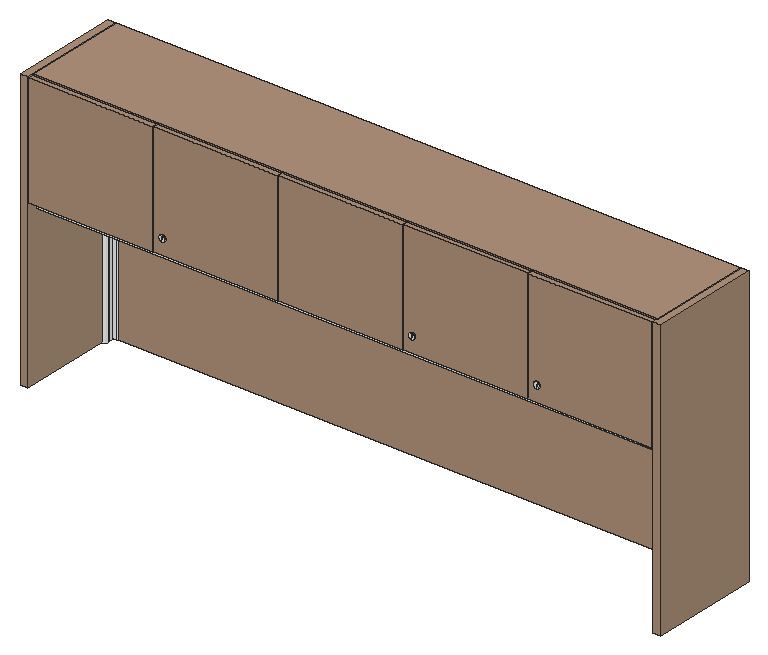
Revit family "Storage-Mounted-Teknion-B_HCL_Standard_Hutch_Solid_Hinged_Doors-R2019", category Furniture, Revit 2019
Family settings
  OmniClass Number = 23.40.20.00
  OmniClass Title = General Furniture and Specialties
  Work Plane-Based = No
  Always vertical = Yes
  Cut with Voids When Loaded = No
  Shared = Yes
  Room Calculation Point = No
Parameters (values of type "1-3/16" Worksurface Thickness, 37" Height")
  Width [instance] = 84.000"
  Warranty = "http://www.teknion.com/ca/papers/legal-canada"
  Unit Weight URL = "http://www.teknion.com/ca/tools/assets#&asset=bee6a381-b954-425e-8283-5a2de3a804f2,f828d448-4b62-4231-9e5f-9a8991c0ed77"
  URL = "www.teknion.com"
  Two Door [instance] = Width < 41.000"  # no
  To render please download texture images found here [instance] = "https://assets.teknion.com/web/5e81352c1dfdb467/revit-material-swatches/"
  Three Door [instance] = and(Width > 41.000", Width < 59.000")  # no
  Sustainability Data = "https://www.teknion.com/ca/tools/assets#&topic=216f99a5-57a0-44fc-b10a-9dee9b29ae4c&asset=444deb64-fe58-4b68-981e-f75e97781df7,b4ff2d81-9f2e-437d-9659-7cffb09c31cf"
  Shelf and Hardware Finish [instance] = Paint - Teknion - Mica - Very White
  Series = "Expansion Casegoods"  # constant formula
  Product Page URL = "https://www.teknion.com/ca/products/product-details?productLineId=0053336e-8e7a-673b-a6c8-ff00004460c4"
  Product Line = "Expansion Casegoods"  # constant formula
  Product Documentation Link = "https://www.teknion.com/pricing/expansion-casegoods/pdfs/B_HCL_ppg.pdf"
  Part Number = "B_HCL"  # constant formula
  Model = "BMHCL15__37"
  Manufacturer Phone = "416-661-3370"  # constant formula
  Manufacturer Fax = "416.661.4586"  # constant formula
  Manufacturer Contact Information = "http://www.teknion.com/ca/contactus"
  Manufacturer Address = "1150 Flint Road, Toronto, ON. M3J 2J5. Canada"  # constant formula
  Manufacturer = "Teknion"  # constant formula
  How To Use Teknion Materials User Guide [instance] = "https://assets.teknion.com/m/205dd0a49fa58060/original/How-to-add-a-Material-Library-and-Texture-Images-to-your-Revit-project.pdf"
  Height = 36.354"
  Four Door [instance] = and(Width > 59.000", Width < 79.000")  # no
  For Additional Finishes please visit [instance] = "https://assets.teknion.com/m/44a8009b046e5d47/original/Teknion_Materials_Library.zip"
  Five Door [instance] = Width = 84.000"  # yes
  Door Front Finish [instance] = Source Laminate - Teknion - 3M - Provincial Oak
  Description = "Standard Hutch - Solid Hinged Doors, 1-3/16\" Worksurface Thickness, 15\" Depth, 37\" Height"
  Case Finish [instance] = Source Laminate - Teknion - 3M - Provincial Oak
  Bottom Height Offset = 28.996"
  Available Widths [instance] = "24, 30, 36, 42, 48, 54, 60, 66, 72, 78, or 84 inches."  # constant formula
  Assembly Code = "E2020200"
  Actual Width [instance] = if(Width = 24.000", 23.882", if(Width = 30.000", 29.850", if(Width = 36.000", 35.819", if(Width = 42.000", 41.791", if(Width = 48.000", 47.760", if(Width = 54.000", 53.728", if(Width = 60.000", 59.701", if(Width = 66.000", 65.669", if(Width = 72.000", 71.642", if(Width = 78.000", 77.610", 83.579"))))))))))  # 83.579"
Types (7): name | Width | Model | Height | Four Door | Five Door | Description | Bottom Height Offset | Actual Width
  (no name) | 84.000" | "BMHCL15__37" | 36.354" | no | yes | "Standard Hutch - Solid Hinged Doors, 1-3/16\" Worksurface Thickness, 15\" Depth, 37\" Height" | 28.996" | 83.579"
  1" Worksurface Thickness, 37" Height | 60.000" | "BDHCL15__37" | 36.354" | yes | no | "Standard Hutch - Solid Hinged Doors, 1\" Worksurface Thickness, 15\" Depth, 37\" Height" | 28.82283" | 59.701"
  1" Worksurface Thickness, 43" Height | 60.000" | "BDHCL15__43" | 42.594" | yes | no | "Standard Hutch - Solid Hinged Doors, 1\" Worksurface Thickness, 15\" Depth, 43\" Height" | 28.82283" | 59.701"
  1-3/16" Worksurface Thickness, 37" Height | 84.000" | "BMHCL15__37" | 36.354" | no | yes | "Standard Hutch - Solid Hinged Doors, 1-3/16\" Worksurface Thickness, 15\" Depth, 37\" Height" | 28.996" | 83.579"
  1-3/16" Worksurface Thickness, 43" Height | 84.000" | "BMHCL15__43" | 42.594" | no | yes | "Standard Hutch - Solid Hinged Doors, 1-3/16\" Worksurface Thickness, 15\" Depth, 43\" Height" | 28.996" | 83.579"
  1-9/16" Worksurface Thickness, 43" Height | 60.000" | "BXHCL15__43" | 42.594" | yes | no | "Standard Hutch - Solid Hinged Doors, 1-9/16\" Worksurface Thickness, 15\" Depth, 43\" Height" | 29.362" | 59.701"
  1-9/16" Worksurface Thickness, 37" Height | 60.000" | "BXHCL15__37" | 36.354" | yes | no | "Standard Hutch - Solid Hinged Doors, 1-9/16\" Worksurface Thickness, 15\" Depth, 37\" Height" | 29.362" | 59.701"
Reference planes (in)
  plane 1 "Center Front/Back": y = 0.15567
  plane 2: z = 0
  plane 3 "Center Left/Right": x = -0.58629
  plane 4 "Left": x = -42.37579
  plane 5 "Right": x = 41.20321
  plane 6 "Back": y = 7.28165
  plane 7 "Front": y = -6.97032
  plane 8 "Top": z = 65.35
  plane 9: z = 28.996
  plane 10: z = 50.58655
  plane 11: z = 65.23222
  plane 12: x = -14.15831
  plane 13: x = 12.98505
  plane 14: x = -41.30166
  plane 15: x = 40.12841
  plane 16: x = -20.94415
  plane 17: x = 19.77089
  plane 18: x = -0.58663
  plane 19: x = -25.01565
  plane 20: x = -8.72964
  plane 21: x = 7.55638
  plane 22: x = 23.84239
Forms (in)
  Sweep 1, solid, material "Source Laminate - Teknion - 3M - Provincial Oak" <- "Case Finish"
    path origin (0, 0, 0) x (1, 0, 0) y (0, 1, 0)
      loop
        line (-42.37579, 0.15567) -> (-41.36004, 0.15567)
    profile origin (-41.86792, 0.15567, 0) x (0, 1, 0) y (0, 0, 1)
      loop
        line (7.12598, 65.35) -> (-7.12598, 65.35) -> (-7.12598, 28.996) -> (7.12598, 28.996) -> (7.12598, 65.35)
  Sweep 2, solid, material "Source Laminate - Teknion - 3M - Provincial Oak" <- "Case Finish"
    path origin (0, 0, 0) x (1, 0, 0) y (0, 1, 0)
      loop
        line (40.18746, 0.15567) -> (41.20321, 0.15567)
    profile origin (40.69534, 0.15567, 0) x (0, 1, 0) y (0, 0, 1)
      loop
        line (7.12598, 65.35) -> (-7.12598, 65.35) -> (-7.12598, 28.996) -> (7.12598, 28.996) -> (7.12598, 65.35)
  Sweep 3, solid, material "Source Laminate - Teknion - 3M - Provincial Oak" <- "Case Finish"
    path origin (0, 0, 0) x (1, 0, 0) y (0, 1, 0)
      loop
        line (-0.58629, 7.28165) -> (-0.58629, -6.26953)
    profile origin (-0.58629, 0.50606, 0) x (1, 0, 0) y (0, 0, 1)
      loop
        line (-40.77375, 65.35) -> (-40.77375, 28.996) -> (40.77375, 28.996) -> (40.77375, 65.35) -> (-40.77375, 65.35)
  Sweep 4, void
    path origin (0, 0, 0) x (1, 0, 0) y (0, 1, 0)
      loop
        line (-0.58629, -6.97032) -> (-0.58629, 6.50213)
    profile origin (-0.58629, -0.23409, 0) x (-1, 0, 0) y (0, 0, 1)
      loop
        line (40.77375, 51.7834) -> (-40.77375, 51.7834) -> (-40.77375, 28.996) -> (40.77375, 28.996) -> (40.77375, 51.7834)
  Sweep 5, solid, material "Paint - Teknion - Mica - Very White" <- "Shelf and Hardware Finish"
    path origin (0, 0, 0) x (1, 0, 0) y (0, 1, 0)
      loop
        line (-41.36004, 0.15567) -> (40.18746, 0.15567)
    profile origin (-0.58629, 0.15567, 0) x (0, 1, 0) y (0, 0, 1)
      loop
        line (6.34646, 51.7834) -> (-6.4252, 51.7834) -> (-6.4252, 50.7834) -> (-5.8622, 50.7834) -> (-5.8622, 49.40545) -> (-5.12992, 49.40545) -> (-5.12992, 50.56293) -> (6.34646, 50.56293) -> (6.34646, 51.7834)
  Sweep 6, solid, material "Paint - Teknion - Mica - Very White" <- "Shelf and Hardware Finish"
    path origin (0, 0.15567, 0) x (1, 0, 0) y (0, 0, 1)
      loop
        line (-0.58629, 28.996) -> (-0.58629, 50.56293)
    profile origin (-0.58629, 0.15567, 39.77946) x (-1, 0, 0) y (0, -1, 0)
      loop
        line (39.90682, -6.34646) -> (40.77375, -6.34646) -> (40.77375, -4.84645)
        arc (40.77375, -4.84645) -> (40.45445, -4.96317) -> (40.28359, -5.25709) r 0.5
        line (40.28359, -5.25709) -> (40.69501, -5.25709) -> (40.69501, -5.70551) -> (40.36233, -5.70551) -> (40.36233, -5.58307) -> (40.28359, -5.58307) -> (40.28359, -5.93307) -> (40.69501, -5.93307) -> (40.69501, -6.26772) -> (39.97247, -6.26772) -> (39.90682, -6.34646)
      loop
        line (-39.90682, -6.34646) -> (-39.97247, -6.26772) -> (-40.69501, -6.26772) -> (-40.69501, -5.93307) -> (-40.28359, -5.93307) -> (-40.28359, -5.58307) -> (-40.36233, -5.58307) -> (-40.36233, -5.70551) -> (-40.69501, -5.70551) -> (-40.69501, -5.25709) -> (-40.28359, -5.25709)
        arc (-40.28359, -5.25709) -> (-40.45445, -4.96317) -> (-40.77375, -4.84645) r 0.5
        line (-40.77375, -4.84645) -> (-40.77375, -6.34646) -> (-39.90682, -6.34646)
  Sweep 7, solid, material "Source Laminate - Teknion - 3M - Provincial Oak" <- "Door Front Finish", visible <- "Two Door"
    path origin (0, 0, 0) x (1, 0, 0) y (0, 1, 0)
      loop
        line (-0.58629, -6.97032) -> (-0.58629, -6.26953)
    profile origin (-0.58629, -6.61992, 0) x (-1, 0, 0) y (0, 0, 1)
      loop
        line (40.65564, 65.23222) -> (0.05906, 65.23222) -> (0.05906, 50.58655) -> (40.65564, 50.58655) -> (40.65564, 65.23222)
      loop
        line (-0.05906, 50.58655) -> (-0.05906, 65.23222) -> (-40.65564, 65.23222) -> (-40.65564, 50.58655) -> (-0.05906, 50.58655)
  Sweep 8, solid, material "Metal - Teknion - C6 - Chrome", visible <- "Two Door"
    path origin (0, 0, 0) x (1, 0, 0) y (0, 1, 0)
      loop
        line (0.6145, -6.97032) -> (0.6145, -7.02937)
    profile origin (0.6145, -6.99984, 0) x (1, 0, 0) y (0, 0, 1)
      loop
        circle (0, 52.6338) r 0.39455
      loop
        line (-0.04921, 52.8208) -> (-0.04921, 52.44679) -> (0.04921, 52.44679) -> (0.04921, 52.8208) -> (-0.04921, 52.8208)
  Sweep 9, solid, material "Source Laminate - Teknion - 3M - Provincial Oak" <- "Door Front Finish", visible <- "Three Door"
    path origin (0, 0, 0) x (1, 0, 0) y (0, 1, 0)
      loop
        line (-0.58629, -6.97032) -> (-0.58629, -6.26953)
    profile origin (-0.58629, -6.61992, 0) x (-1, 0, 0) y (0, 0, 1)
      loop
        line (13.63085, 65.23222) -> (13.63085, 50.58655) -> (40.65598, 50.58655) -> (40.65598, 65.23222) -> (13.63085, 65.23222)
      loop
        line (13.51274, 50.58655) -> (13.51274, 65.23222) -> (-13.51257, 65.23222) -> (-13.51257, 50.58655) -> (13.51274, 50.58655)
      loop
        line (-13.63068, 50.58655) -> (-13.63068, 65.23222) -> (-40.65598, 65.23222) -> (-40.65598, 50.58655) -> (-13.63068, 50.58655)
  Sweep 10, solid, material "Metal - Teknion - C6 - Chrome", visible <- "Three Door"
    path origin (-6.60763, 0, 0) x (1, 0, 0) y (0, 1, 0)
      loop
        line (-6.35051, -6.97032) -> (-6.35051, -7.02937)
    profile origin (-12.95814, -6.99984, 0) x (1, 0, 0) y (0, 0, 1)
      loop
        circle (0, 52.46063) r 0.39455
      loop
        line (-0.04921, 52.64764) -> (-0.04921, 52.27362) -> (0.04921, 52.27362) -> (0.04921, 52.64764) -> (-0.04921, 52.64764)
  Sweep 11, solid, material "Metal - Teknion - C6 - Chrome", visible <- "Three Door"
    path origin (6.60628, 0, 0) x (1, 0, 0) y (0, 1, 0)
      loop
        line (7.579, -6.97032) -> (7.579, -7.02937)
    profile origin (14.18527, -6.99984, 0) x (1, 0, 0) y (0, 0, 1)
      loop
        circle (0, 52.46063) r 0.39455
      loop
        line (-0.04921, 52.64764) -> (-0.04921, 52.27362) -> (0.04921, 52.27362) -> (0.04921, 52.64764) -> (-0.04921, 52.64764)
  Sweep 12, solid, material "Source Laminate - Teknion - 3M - Provincial Oak" <- "Door Front Finish", visible <- "Four Door"
    path origin (0, 0, 0) x (1, 0, 0) y (0, 1, 0)
      loop
        line (-0.58629, -6.97032) -> (-0.58629, -6.26953)
    profile origin (-0.58629, -6.61992, 0) x (-1, 0, 0) y (0, 0, 1)
      loop
        line (40.65615, 65.23222) -> (20.41688, 65.23222) -> (20.41688, 50.58655) -> (40.65615, 50.58655) -> (40.65615, 65.23222)
      loop
        line (20.29877, 50.58655) -> (20.29877, 65.23222) -> (0.05906, 65.23222) -> (0.05906, 50.58655) -> (20.29877, 50.58655)
      loop
        line (-0.05906, 50.58655) -> (-0.05906, 65.23222) -> (-20.29788, 65.23222) -> (-20.29788, 50.58655) -> (-0.05906, 50.58655)
      loop
        line (-20.41599, 65.23222) -> (-40.65564, 65.23222) -> (-40.65564, 50.58655) -> (-20.41599, 50.58655) -> (-20.41599, 65.23222)
  Sweep 13, solid, material "Metal - Teknion - C6 - Chrome", visible <- "Four Door"
    path origin (-11.40381, 0, 0) x (1, 0, 0) y (0, 1, 0)
      loop
        line (-8.34037, -6.97032) -> (-8.34037, -7.02937)
    profile origin (-19.74418, -6.99984, 0) x (1, 0, 0) y (0, 0, 1)
      loop
        circle (0, 52.6338) r 0.39455
      loop
        line (-0.04921, 52.8208) -> (-0.04921, 52.44679) -> (0.04921, 52.44679) -> (0.04921, 52.8208) -> (-0.04921, 52.8208)
  Sweep 14, solid, material "Metal - Teknion - C6 - Chrome", visible <- "Four Door"
    path origin (17.37178, 0, 0) x (1, 0, 0) y (0, 1, 0)
      loop
        line (3.5988, -6.97032) -> (3.5988, -7.02937)
    profile origin (20.97058, -6.99984, 0) x (1, 0, 0) y (0, 0, 1)
      loop
        circle (0, 52.6338) r 0.39455
      loop
        line (-0.04921, 52.8208) -> (-0.04921, 52.44679) -> (0.04921, 52.44679) -> (0.04921, 52.8208) -> (-0.04921, 52.8208)
  Sweep 15, solid, material "Source Laminate - Teknion - 3M - Provincial Oak" <- "Door Front Finish", visible <- "Five Door"
    path origin (0, 0, 0) x (1, 0, 0) y (0, 1, 0)
      loop
        line (-0.58629, -6.97032) -> (-0.58629, -6.26953)
    profile origin (-0.58629, -6.61992, 0) x (-1, 0, 0) y (0, 0, 1)
      loop
        line (24.48793, 65.23222) -> (24.48793, 50.58655) -> (40.65615, 50.58655) -> (40.65615, 65.23222) -> (24.48793, 65.23222)
      loop
        line (24.36981, 65.23222) -> (8.2021, 65.23222) -> (8.2021, 50.58655) -> (24.36981, 50.58655) -> (24.36981, 65.23222)
      loop
        line (8.08399, 65.23222) -> (-8.08373, 65.23222) -> (-8.08373, 50.58655) -> (8.08399, 50.58655) -> (8.08399, 65.23222)
      loop
        line (-8.20184, 65.23222) -> (-24.36956, 65.23222) -> (-24.36956, 50.58655) -> (-8.20184, 50.58655) -> (-8.20184, 65.23222)
      loop
        line (-24.48767, 65.23222) -> (-40.65564, 65.23222) -> (-40.65564, 50.58655) -> (-24.48767, 50.58655) -> (-24.48767, 65.23222)
  Sweep 16, solid, material "Metal - Teknion - C6 - Chrome", visible <- "Five Door"
    path origin (-15.474, 0, 0) x (1, 0, 0) y (0, 1, 0)
      loop
        line (-8.34037, -6.97032) -> (-8.34037, -7.02937)
    profile origin (-23.81437, -6.99984, 0) x (1, 0, 0) y (0, 0, 1)
      loop
        circle (0, 52.6338) r 0.39455
      loop
        line (-0.04921, 52.8208) -> (-0.04921, 52.44679) -> (0.04921, 52.44679) -> (0.04921, 52.8208) -> (-0.04921, 52.8208)
  Sweep 17, solid, material "Metal - Teknion - C6 - Chrome", visible <- "Five Door"
    path origin (17.09765, 0, 0) x (1, 0, 0) y (0, 1, 0)
      loop
        line (-8.34037, -6.97032) -> (-8.34037, -7.02937)
    profile origin (8.75728, -6.99984, 0) x (1, 0, 0) y (0, 0, 1)
      loop
        circle (0, 52.6338) r 0.39455
      loop
        line (-0.04921, 52.8208) -> (-0.04921, 52.44679) -> (0.04921, 52.44679) -> (0.04921, 52.8208) -> (-0.04921, 52.8208)
  Sweep 18, solid, material "Metal - Teknion - C6 - Chrome", visible <- "Five Door"
    path origin (33.38348, 0, 0) x (1, 0, 0) y (0, 1, 0)
      loop
        line (-8.34037, -6.97032) -> (-8.34037, -7.02937)
    profile origin (25.04311, -6.99984, 0) x (1, 0, 0) y (0, 0, 1)
      loop
        circle (0, 52.6338) r 0.39455
      loop
        line (-0.04921, 52.8208) -> (-0.04921, 52.44679) -> (0.04921, 52.44679) -> (0.04921, 52.8208) -> (-0.04921, 52.8208)
Cuts and joins
  Sweep 4 cuts Sweep 3
Lines and regions (in)
  Masking region 1
    outline origin (0, 0, 0) x (1, 0, 0) y (0, 1, 0)
      loop
        line (-42.37579, 7.28165) -> (-42.37579, -6.97032) -> (-41.36004, -6.97032) -> (-41.36004, -6.26953) -> (40.18746, -6.26953) -> (40.18746, -6.97032) -> (41.20321, -6.97032) -> (41.20321, 7.28165) -> (-42.37579, 7.28165)
  Masking region 2, visible <- "Four Door"
    outline origin (0, 0, 0) x (1, 0, 0) y (0, 1, 0)
      loop
        line (-41.24244, -6.26953) -> (-41.24244, -6.97032) -> (-21.00317, -6.97032) -> (-21.00317, -6.26953) -> (-41.24244, -6.26953)
      loop
        line (-20.88506, -6.26953) -> (-20.88506, -6.97032) -> (-0.64534, -6.97032) -> (-0.64534, -6.26953) -> (-20.88506, -6.26953)
      loop
        line (-0.52723, -6.26953) -> (-0.52723, -6.97032) -> (19.71159, -6.97032) -> (19.71159, -6.26953) -> (-0.52723, -6.26953)
      loop
        line (19.8297, -6.26953) -> (19.8297, -6.97032) -> (40.06935, -6.97032) -> (40.06935, -6.26953) -> (19.8297, -6.26953)
  Masking region 3, visible <- "Three Door"
    outline origin (0, 0, 0) x (1, 0, 0) y (0, 1, 0)
      loop
        line (-14.21714, -6.97032) -> (-14.21714, -6.26953) -> (-41.24227, -6.26953) -> (-41.24227, -6.97032) -> (-14.21714, -6.97032)
      loop
        line (-14.09903, -6.26953) -> (-14.09903, -6.97032) -> (12.92628, -6.97032) -> (12.92628, -6.26953) -> (-14.09903, -6.26953)
      loop
        line (13.04439, -6.26953) -> (13.04439, -6.97032) -> (40.06969, -6.97032) -> (40.06969, -6.26953) -> (13.04439, -6.26953)
  Masking region 4, visible <- "Two Door"
    outline origin (0, 0, 0) x (1, 0, 0) y (0, 1, 0)
      loop
        line (-41.24193, -6.26953) -> (-41.24193, -6.97032) -> (-0.64534, -6.97032) -> (-0.64534, -6.26953) -> (-41.24193, -6.26953)
      loop
        line (-0.52723, -6.26953) -> (-0.52723, -6.97032) -> (40.06935, -6.97032) -> (40.06935, -6.26953) -> (-0.52723, -6.26953)
  Masking region 5, visible <- "Four Door"
    outline origin (0, 0, 0) x (1, 0, 0) y (0, 1, 0)
      loop
        line (-20.13872, -7.02937) -> (-19.34963, -7.02937) -> (-19.34963, -6.97032) -> (-20.13872, -6.97032) -> (-20.13872, -7.02937)
  Masking region 6, visible <- "Three Door"
    outline origin (0, 0, 0) x (1, 0, 0) y (0, 1, 0)
      loop
        line (-13.35269, -7.02937) -> (-12.56359, -7.02937) -> (-12.56359, -6.97032) -> (-13.35269, -6.97032) -> (-13.35269, -7.02937)
  Masking region 7, visible <- "Two Door"
    outline origin (0, 0, 0) x (1, 0, 0) y (0, 1, 0)
      loop
        line (0.21995, -7.02937) -> (1.00905, -7.02937) -> (1.00905, -6.97032) -> (0.21995, -6.97032) -> (0.21995, -7.02937)
  Masking region 8, visible <- "Three Door"
    outline origin (0, 0, 0) x (1, 0, 0) y (0, 1, 0)
      loop
        line (13.79072, -7.02937) -> (14.57982, -7.02937) -> (14.57982, -6.97032) -> (13.79072, -6.97032) -> (13.79072, -7.02937)
  Masking region 9, visible <- "Four Door"
    outline origin (0, 0, 0) x (1, 0, 0) y (0, 1, 0)
      loop
        line (20.57604, -7.02937) -> (21.36513, -7.02937) -> (21.36513, -6.97032) -> (20.57604, -6.97032) -> (20.57604, -7.02937)
  Masking region 10, visible <- "Five Door"
    outline origin (0, 0, 0) x (1, 0, 0) y (0, 1, 0)
      loop
        line (-41.24244, -6.26953) -> (-41.24244, -6.97032) -> (-25.07421, -6.97032) -> (-25.07421, -6.26953) -> (-41.24244, -6.26953)
      loop
        line (-24.9561, -6.26953) -> (-24.9561, -6.97032) -> (-8.78839, -6.97032) -> (-8.78839, -6.26953) -> (-24.9561, -6.26953)
      loop
        line (-8.67028, -6.26953) -> (-8.67028, -6.97032) -> (7.49744, -6.97032) -> (7.49744, -6.26953) -> (-8.67028, -6.26953)
      loop
        line (7.61555, -6.26953) -> (7.61555, -6.97032) -> (23.78327, -6.97032) -> (23.78327, -6.26953) -> (7.61555, -6.26953)
      loop
        line (23.90138, -6.26953) -> (23.90138, -6.97032) -> (40.06969, -6.97032) -> (40.06969, -6.26953) -> (23.90138, -6.26953)
  symbolic lines
    curve 1: line (-41.23978, 0.15567, 64.79552) -> (-41.35756, 0.15567, 64.79552)
    curve 2: line (40.06901, 0.15567, 64.73222) -> (40.18712, 0.15567, 64.73222)
    curve 3: line (-41.36004, -6.97032, 0) -> (-41.36004, 7.28165, 0)
    curve 4: line (40.18746, -6.97032, 0) -> (40.18746, 7.28165, 0)
  symbolic lines, style "FurnitureHiddenLines", detail levels medium+fine
    curve 5: line (-41.36004, -5.70654, 0) -> (40.18746, -5.70654, 0)
    curve 6: line (40.18746, -4.97425, 0) -> (-41.36004, -4.97425, 0)
    curve 7: line (40.18746, 6.50213, 0) -> (-41.36004, 6.50213, 0)
  symbolic lines, style "FurnitureHiddenLines", detail levels fine
    curve 8: arc (-40.86988, 5.41276, 0) -> (-41.04074, 5.11884, 0) -> (-41.36004, 5.00212, 0) r 0.5
    curve 9: line (-40.86988, 5.41276, 0) -> (-41.2813, 5.41276, 0)
    curve 10: line (-41.2813, 5.41276, 0) -> (-41.2813, 5.86118, 0)
    curve 11: line (-41.2813, 5.86118, 0) -> (-40.94862, 5.86118, 0)
    curve 12: line (-40.94862, 5.73874, 0) -> (-40.86988, 5.73874, 0)
    curve 13: line (-40.94862, 5.86118, 0) -> (-40.94862, 5.73874, 0)
    curve 14: line (-40.86988, 5.73874, 0) -> (-40.86988, 6.08874, 0)
    curve 15: line (-40.86988, 6.08874, 0) -> (-41.2813, 6.08874, 0)
    curve 16: line (-41.2813, 6.08874, 0) -> (-41.2813, 6.42339, 0)
    curve 17: line (-41.2813, 6.42339, 0) -> (-40.55876, 6.42339, 0)
    curve 18: line (-40.55876, 6.42339, 0) -> (-40.49311, 6.50213, 0)
    curve 19: line (39.38618, 6.42339, 0) -> (40.10872, 6.42339, 0)
    curve 20: line (39.32053, 6.50213, 0) -> (39.38618, 6.42339, 0)
    curve 21: line (40.10872, 6.42339, 0) -> (40.10872, 6.08874, 0)
    curve 22: line (40.10872, 6.08874, 0) -> (39.6973, 6.08874, 0)
    curve 23: line (39.6973, 6.08874, 0) -> (39.6973, 5.73874, 0)
    curve 24: line (39.6973, 5.73874, 0) -> (39.77605, 5.73874, 0)
    curve 25: line (39.77605, 5.73874, 0) -> (39.77605, 5.86118, 0)
    curve 26: line (39.77605, 5.86118, 0) -> (40.10872, 5.86118, 0)
    curve 27: line (40.10872, 5.86118, 0) -> (40.10872, 5.41276, 0)
    curve 28: line (40.10872, 5.41276, 0) -> (39.6973, 5.41276, 0)
    curve 29: arc (40.18746, 5.00212, 0) -> (39.86816, 5.11884, 0) -> (39.6973, 5.41276, 0) r 0.5
    curve 30: line (-25.07421, 0.15567, 65.23222) -> (-24.9561, 0.15567, 65.23222)
Dimensions and locks (in)
  "Actual Width": plane 4 "Left" to plane 5 "Right"
  locked: plane 6 "Back" to plane 7 "Front" at 14.25197
  "Height": plane 8 "Top" to plane 9
  equal spacing: plane 4 "Left", plane 3 "Center Left/Right", plane 5 "Right"
  equal spacing: plane 7 "Front", plane 1 "Center Front/Back", plane 6 "Back"
  "Bottom Height Offset": plane 9 to level
  locked: plane 4 "Left" to Sweep 1 sketch curve at 1.01575
  locked: Sweep 2 sketch curve to plane 5 "Right" at 1.01575
  locked: Sweep 3 sketch curve to plane 4 "Left" at 1.01575
  locked: Sweep 3 sketch curve to plane 5 "Right" at 1.01575
  locked: plane 6 "Back" to Sweep 4 sketch curve at 0.77953
  locked: Sweep 4 sketch curve to plane 5 "Right" at 1.01575
  locked: Sweep 4 sketch curve to plane 4 "Left" at 1.01575
  locked: Sweep 4 sketch curve to plane 9 at 22.7874
  locked: plane 4 "Left" to Sweep 5 sketch curve at 1.01575
  locked: Sweep 5 sketch curve to plane 5 "Right" at 1.01575
  Sweep 5 sketch curve to Sweep 5 sketch curve to plane 10 to Sweep 5 sketch curve to Sweep 5 sketch curve = 1.000" locked, 0.19685" locked, 0.02362" locked, 1.15748" locked
  locked: plane 6 "Back" to Sweep 5 sketch curve at 0.77953
  Sweep 5 sketch curve to Sweep 5 sketch curve to Sweep 5 sketch curve to plane 7 "Front" = 0.73228" locked, 0.56299" locked, 0.70079" locked
  plane 6 "Back" to Sweep 6 sketch curve to Sweep 6 sketch curve to Sweep 6 sketch curve to Sweep 6 sketch curve to Sweep 6 sketch curve to Sweep 6 sketch curve to Sweep 6 sketch curve = 0.77953" locked, 0.07874" locked, 0.33465" locked, 0.22756" locked, 0.12244" locked, 0.23662" locked, 0.08936" locked  (x2)
  plane 4 "Left" to Sweep 6 sketch curve to Sweep 6 sketch curve to Sweep 6 sketch curve to Sweep 6 sketch curve to Sweep 6 sketch curve to Sweep 6 sketch curve to Sweep 6 sketch curve = 1.01396" locked, 0.08053" locked, 0.000" locked, 0.33268" locked, 0.07874" locked, 0.31112" locked, 0.06565" locked
  plane 5 "Right" to Sweep 6 sketch curve to Sweep 6 sketch curve to Sweep 6 sketch curve to Sweep 6 sketch curve to Sweep 6 sketch curve to Sweep 6 sketch curve to Sweep 6 sketch curve = 1.01396" locked, 0.08053" locked, 0.000" locked, 0.33268" locked, 0.07874" locked, 0.31112" locked, 0.06565" locked
  locked: plane 7 "Front" to Sweep 7 sketch curve at 0.70079
  Sweep 7 sketch curve to plane 3 "Center Left/Right" to Sweep 7 sketch curve = 0.05906" locked, 0.05906" locked
  locked: plane 8 "Top" to Sweep 7 sketch curve at 0.11778
  locked: Sweep 7 sketch curve to plane 4 "Left" at 1.13386
  locked: Sweep 7 sketch curve to plane 5 "Right" at 1.13386
  Sweep 7 sketch curve to Sweep 7 sketch curve to plane 9 = 0.000" locked, 21.59055" locked
  locked: Sweep 8 sketch curve to plane 7 "Front" at 0.05906
  Sweep 8 sketch curve to Sweep 8 sketch curve to Sweep 8 sketch curve to plane 3 "Center Left/Right" = 0.04921" locked, 0.04921" locked, 1.15157" locked
  Sweep 8 sketch curve to Sweep 8 sketch curve to Sweep 8 sketch curve to plane 9 = 0.18701" locked, 0.18701" locked, 23.45079" locked
  locked: plane 7 "Front" to Sweep 9 sketch curve at 0.70079
  locked: plane 10 to plane 9 at 21.59055
  locked: Sweep 9 sketch curve to plane 5 "Right" at 1.13352
  locked: Sweep 9 sketch curve to plane 4 "Left" at 1.13352
  locked: plane 8 "Top" to plane 11 at 0.11778
  locked: plane 14 to plane 4 "Left" at 1.07463
  Sweep 9 sketch curve to plane 12 to Sweep 9 sketch curve = 0.05928" locked, 0.05883" locked
  Sweep 9 sketch curve to plane 13 to Sweep 9 sketch curve = 0.05934" locked, 0.05877" locked
  locked: plane 5 "Right" to plane 15 at 1.0748
  equal spacing: plane 15, plane 13, plane 12, plane 14
  Sweep 10 sketch curve to Sweep 10 sketch curve to Sweep 10 sketch curve = 0.04921" locked, 0.04921" locked
  Sweep 10 sketch curve to Sweep 10 sketch curve to Sweep 10 sketch curve = 0.18701" locked, 0.18701" locked
  Sweep 11 sketch curve to Sweep 11 sketch curve to Sweep 11 sketch curve = 0.04921" locked, 0.04921" locked
  Sweep 11 sketch curve to Sweep 11 sketch curve to Sweep 11 sketch curve = 0.18701" locked, 0.18701" locked
  locked: Sweep 10 sketch curve to plane 7 "Front" at 0.05906
  locked: plane 7 "Front" to Sweep 12 sketch curve at 0.70079
  locked: Sweep 12 sketch curve to plane 14 at 0.05922
  Sweep 12 sketch curve to plane 16 to Sweep 12 sketch curve = 0.05909" locked, 0.05902" locked
  Sweep 12 sketch curve to plane 3 "Center Left/Right" to Sweep 12 sketch curve = 0.05906" locked, 0.05906" locked
  Sweep 12 sketch curve to plane 17 to Sweep 12 sketch curve = 0.05881" locked, 0.0593" locked
  locked: plane 15 to Sweep 12 sketch curve at 0.05906
  Sweep 13 sketch curve to Sweep 13 sketch curve to Sweep 13 sketch curve to plane 16 = 0.04921" locked, 0.04921" locked, 1.15076" locked
  Sweep 13 sketch curve to Sweep 13 sketch curve to Sweep 13 sketch curve to plane 10 = 0.18701" locked, 0.18701" locked, 1.86024" locked
  Sweep 14 sketch curve to Sweep 14 sketch curve to Sweep 14 sketch curve to plane 17 = 0.04921" locked, 0.04921" locked, 1.15048" locked
  Sweep 14 sketch curve to Sweep 14 sketch curve to Sweep 14 sketch curve to plane 10 = 0.18701" locked, 0.18701" locked, 1.86024" locked
  locked: Sweep 13 sketch curve to plane 7 "Front" at 0.05906
  equal spacing: plane 15, plane 17, plane 18, plane 16, plane 14
  locked: plane 10 to Sweep 6 sketch curve at 0.02362
  Sweep 12 to Masking region 5 sketch curve to Masking region 5 sketch curve = 0.74634" locked, 0.7891" locked
  Sweep 9 to Masking region 6 sketch curve to Masking region 6 sketch curve = 0.74634" locked, 0.7891" locked
  plane 3 "Center Left/Right" to Masking region 7 sketch curve to Masking region 7 sketch curve = 0.80624" locked, 0.7891" locked
  Sweep 9 to Masking region 8 sketch curve to Masking region 8 sketch curve = 0.74634" locked, 0.7891" locked
  Sweep 12 to Masking region 9 sketch curve to Masking region 9 sketch curve = 0.74634" locked, 0.7891" locked
  locked: plane 7 "Front" to Sweep 15 sketch curve at 0.70079
  locked: plane 8 "Top" to Sweep 15 sketch curve at 0.11778
  locked: plane 15 to Sweep 15 sketch curve at 0.05906
  locked: Sweep 15 sketch curve to plane 14 at 0.05922
  equal spacing: plane 15, plane 22, plane 21, plane 20, plane 19, plane 14
  Sweep 15 sketch curve to plane 19 to Sweep 15 sketch curve = 0.05954" locked, 0.05857" locked
  Sweep 15 sketch curve to plane 20 to Sweep 15 sketch curve = 0.05936" locked, 0.05875" locked
  Sweep 15 sketch curve to plane 21 to Sweep 15 sketch curve = 0.05917" locked, 0.05894" locked
  Sweep 15 sketch curve to plane 22 to Sweep 15 sketch curve = 0.05898" locked, 0.05913" locked
  Sweep 16 sketch curve to Sweep 16 sketch curve to Sweep 16 sketch curve to plane 19 = 0.04921" locked, 0.04921" locked, 1.15206" locked
  Sweep 16 sketch curve to Sweep 16 sketch curve to Sweep 16 sketch curve to plane 10 = 0.18701" locked, 0.18701" locked, 1.86024" locked
  Sweep 17 sketch curve to Sweep 17 sketch curve to Sweep 17 sketch curve to plane 21 = 0.04921" locked, 0.04921" locked, 1.15169" locked
  Sweep 17 sketch curve to Sweep 17 sketch curve to Sweep 17 sketch curve to plane 10 = 0.18701" locked, 0.18701" locked, 1.86024" locked
  Sweep 18 sketch curve to Sweep 18 sketch curve to Sweep 18 sketch curve to plane 22 = 0.04921" locked, 0.04921" locked, 1.1515" locked
  Sweep 18 sketch curve to Sweep 18 sketch curve to Sweep 18 sketch curve to plane 10 = 0.18701" locked, 0.18701" locked, 1.86024" locked
  locked: Sweep 16 sketch curve to plane 7 "Front" at 0.05906
  locked: Sweep 17 sketch curve to plane 7 "Front" at 0.05906
  locked: Sweep 18 sketch curve to plane 7 "Front" at 0.05906
  aligned and locked: level to plane 2
  aligned and locked: plane 4 "Left" to Sweep 1 sketch curve
  aligned and locked: plane 8 "Top" to Sweep 1 sketch curve
  aligned and locked: plane 6 "Back" to Sweep 1 sketch curve
  aligned and locked: Sweep 1 sketch curve to plane 7 "Front"
  aligned and locked: plane 9 to Sweep 1 sketch curve
  aligned and locked: plane 5 "Right" to Sweep 2 sketch curve
  aligned and locked: plane 8 "Top" to Sweep 2 sketch curve
  aligned and locked: Sweep 2 sketch curve to plane 7 "Front"
  aligned and locked: plane 6 "Back" to Sweep 2 sketch curve
  aligned and locked: plane 9 to Sweep 2 sketch curve
  aligned and locked: plane 6 "Back" to Sweep 3 sketch curve
  aligned and locked: Sweep 3 sketch curve to plane 8 "Top"
  aligned and locked: Sweep 3 sketch curve to plane 9
  aligned and locked: plane 7 "Front" to Sweep 4 sketch curve
  aligned and locked: Sweep 4 sketch curve to plane 9
  aligned and locked: plane 9 to Sweep 6 sketch curve
  aligned and locked: plane 7 "Front" to Sweep 7 sketch curve
  aligned and locked: plane 7 "Front" to Sweep 8 sketch curve
  aligned and locked: plane 7 "Front" to Sweep 9 sketch curve
  aligned and locked: plane 10 to Sweep 9 sketch curve
  aligned and locked: Sweep 9 sketch curve to plane 10  (x2)
  aligned and locked: Sweep 9 sketch curve to plane 11  (x3)
  aligned and locked: plane 7 "Front" to Sweep 10 sketch curve
  aligned and locked: plane 7 "Front" to Sweep 12 sketch curve
  aligned and locked: Sweep 12 sketch curve to plane 10  (x4)
  aligned and locked: Sweep 12 sketch curve to plane 11  (x4)
  aligned and locked: Sweep 13 sketch curve to plane 7 "Front"
  aligned and locked: plane 3 "Center Left/Right" to plane 18
  aligned and locked: Masking region 1 sketch curve to plane 4 "Left"
  aligned and locked: Masking region 1 sketch curve to plane 6 "Back"
  aligned and locked: Masking region 1 sketch curve to plane 5 "Right"
  aligned and locked: curve 3 to Sweep 1
  aligned and locked: curve 4 to Sweep 2
  aligned and locked: Masking region 1 sketch curve to Sweep 1  (x2)
  aligned and locked: Masking region 1 sketch curve to Sweep 5
  aligned and locked: Masking region 1 sketch curve to Sweep 2  (x2)
  aligned and locked: Masking region 2 sketch curve to Sweep 7  (x2)
  aligned and locked: Sweep 12 to Masking region 2 sketch curve  (x2)
  aligned and locked: Masking region 2 sketch curve to Sweep 12  (x11)
  aligned and locked: Sweep 7 to Masking region 2 sketch curve
  aligned and locked: Sweep 9 to Masking region 3 sketch curve  (x2)
  aligned and locked: Masking region 3 sketch curve to Sweep 9  (x9)
  aligned and locked: Masking region 3 sketch curve to Sweep 7
  aligned and locked: Masking region 4 sketch curve to Sweep 7  (x7)
  aligned and locked: Sweep 7 to Masking region 4 sketch curve
  aligned and locked: Masking region 5 sketch curve to Sweep 13
  aligned and locked: Sweep 12 to Masking region 5 sketch curve
  aligned and locked: Masking region 6 sketch curve to plane 7 "Front"
  aligned and locked: Masking region 6 sketch curve to Sweep 10
  aligned and locked: Masking region 7 sketch curve to Sweep 8  (x2)
  aligned and locked: Masking region 8 sketch curve to Sweep 11  (x2)
  aligned and locked: Masking region 9 sketch curve to Sweep 14  (x2)
  aligned and locked: curve 5 to Sweep 5
  aligned and locked: curve 6 to Sweep 5
  aligned and locked: curve 7 to Sweep 5
  aligned and locked: curve 8 to Sweep 6
  aligned and locked: curve 9 to Sweep 6
  aligned and locked: curve 10 to Sweep 6
  aligned and locked: curve 11 to Sweep 6
  aligned and locked: curve 12 to Sweep 6
  aligned and locked: curve 13 to Sweep 6
  aligned and locked: curve 14 to Sweep 6
  aligned and locked: curve 15 to Sweep 6
  aligned and locked: curve 16 to Sweep 6
  aligned and locked: curve 17 to Sweep 6
  aligned and locked: curve 18 to Sweep 6
  aligned and locked: curve 19 to Sweep 6
  aligned and locked: curve 20 to Sweep 6
  aligned and locked: curve 21 to Sweep 6
  aligned and locked: curve 22 to Sweep 6
  aligned and locked: curve 23 to Sweep 6
  aligned and locked: curve 24 to Sweep 6
  aligned and locked: curve 25 to Sweep 6
  aligned and locked: curve 26 to Sweep 6
  aligned and locked: curve 27 to Sweep 6
  aligned and locked: curve 28 to Sweep 6
  aligned and locked: curve 29 to Sweep 6
  aligned and locked: plane 7 "Front" to Sweep 15 sketch curve
  aligned and locked: Sweep 15 sketch curve to Sweep 15 sketch curve  (x4)
  aligned and locked: Sweep 15 sketch curve to plane 10  (x5)
  aligned and locked: Sweep 16 sketch curve to plane 7 "Front"
  aligned and locked: plane 7 "Front" to Sweep 17 sketch curve
  aligned and locked: plane 7 "Front" to Sweep 18 sketch curve
  aligned and locked: Masking region 10 sketch curve to Sweep 15  (x14)
  aligned and locked: Masking region 10 sketch curve to Sweep 9  (x2)
  aligned and locked: Sweep 15 to Masking region 10 sketch curve  (x3)
Automatic sketch dimensions
  plane 7 "Front" to curve 4 = 0.000"
  curve 3 to plane 7 "Front" = 0.000"
  curve 3 to plane 6 "Back" = 0.000"
  plane 6 "Back" to curve 4 = 0.000"
  curve 30 to plane 11 = 0.000"
  curve 1 to plane 14 = 0.05589"
  plane 14 to curve 1 = 0.06188"
  curve 30 to plane 19 = 0.05857"
  plane 19 to curve 30 = 0.05954"
  curve 2 to plane 15 = 0.05939"
  plane 15 to curve 2 = 0.05872"
  curve 1 to plane 11 = 0.4367"
  curve 2 to plane 11 = 0.500"
  Sweep 1 sketch curve to plane 1 "Center Front/Back" = 0.000"
  plane 1 "Center Front/Back" to Sweep 2 sketch curve = 0.000"
  Sweep 3 sketch curve to plane 3 "Center Left/Right" = 0.000"
  Sweep 3 sketch curve to plane 7 "Front" = 0.70079"
  Sweep 4 sketch curve to plane 3 "Center Left/Right" = 0.000"
  plane 1 "Center Front/Back" to Sweep 5 sketch curve = 0.000"
  Sweep 6 sketch curve to plane 3 "Center Left/Right" = 0.000"
  Sweep 6 sketch curve to Sweep 6 sketch curve = 0.07874"  (x2)
  Sweep 6 sketch curve to Sweep 6 sketch curve = 0.000"  (x2)
  Sweep 7 sketch curve to plane 3 "Center Left/Right" = 0.000"
  Sweep 7 sketch curve to Sweep 7 sketch curve = 0.000"
  plane 3 "Center Left/Right" to Sweep 8 sketch curve = 1.20079"
  Sweep 9 sketch curve to plane 3 "Center Left/Right" = 0.000"
  plane 12 to Sweep 10 sketch curve = 1.20017"
  profile plane to Sweep 10 sketch curve = 0.000"
  level to Sweep 10 sketch curve = 52.27362"
  plane 7 "Front" to Sweep 11 sketch curve = 0.000"
  plane 7 "Front" to Sweep 11 sketch curve = 0.05906"
  plane 13 to Sweep 11 sketch curve = 1.20022"
  profile plane to Sweep 11 sketch curve = 0.000"
  level to Sweep 11 sketch curve = 52.27362"
  Sweep 12 sketch curve to plane 3 "Center Left/Right" = 0.000"
  plane 16 to Sweep 13 sketch curve = 1.19997"
  plane 7 "Front" to Sweep 14 sketch curve = 0.000"
  plane 7 "Front" to Sweep 14 sketch curve = 0.05906"
  plane 17 to Sweep 14 sketch curve = 1.1997"
  Sweep 15 sketch curve to plane 3 "Center Left/Right" = 0.000"
  plane 19 to Sweep 16 sketch curve = 1.20128"
  plane 21 to Sweep 17 sketch curve = 1.2009"
  plane 22 to Sweep 18 sketch curve = 1.20071"
  Masking region 10 sketch curve to plane 7 "Front" = 0.000"
  radius of Sweep 8 sketch curve = 0.39455"
  radius of Sweep 10 sketch curve = 0.39455"
  radius of Sweep 11 sketch curve = 0.39455"
  radius of Sweep 13 sketch curve = 0.39455"
  radius of Sweep 14 sketch curve = 0.39455"
  radius of Sweep 16 sketch curve = 0.39455"
  radius of Sweep 17 sketch curve = 0.39455"
  radius of Sweep 18 sketch curve = 0.39455"
